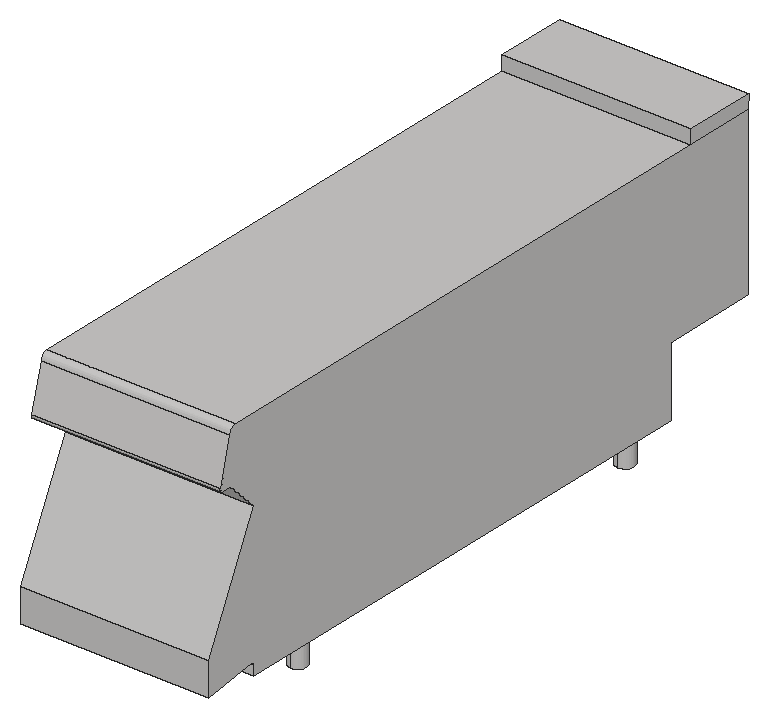
Revit family "QF_ZANUSSI_372115_Z7WTNBN000", category Specialty Equipment, Revit 2018
Family settings
  Round Connector Dimension = Use Diameter
  Part Type = Normal
  Work Plane-Based = No
  Always vertical = Yes
  Cut with Voids When Loaded = No
  Shared = No
  Room Calculation Point = No
Parameters
  Width = 200 mm  # constant formula
  Weight in Pounds = 0
  Weight = 0.00 kg
  Watts = 0 W
  Volts = 0 V
  URL Manufacturer = "http://www.zanussiprofessional.com"
  URL Cutsheet = "www.electrolux.com"
  URL = "http://www.zanussiprofessional.com"
  Type Mark [instance] = ""
  Steam Supply Size = 0"
  Steam Supply Minimum Pressure = 0.00 psi
  Steam Supply Maximum Pressure = 0.00 psi
  Steam Pounds per Hour = 0
  Status [instance] = ""
  Specification by User [instance] = ""
  Specification by Manufacturer = ""
  Show Logo [instance] = yes
  Serial Number = ""
  Seismic Rating = ""
  SMACNA No = ""
  Revision Code [instance] = ""
  Refrigeration Suction Line Size = 0"
  Refrigeration Liquid Line Size = 0"
  Refrigerant Compressor Remote = yes
  Phase = 0
  Omniclass Number and Title = ""
  NAFEM Spec ID Number = ""
  Model = "Z7WTNBN000"
  Masterspec = ""
  Manufacturer = "Zanussi"
  Length Actual = 200 mm  # constant formula
  Item Number [instance] = "372115"
  Installed By [instance] = ""
  Identify Quantity as Lot [instance] = yes
  Hot Water Size = 0"
  Height Actual = 250 mm  # constant formula
  Height = 289 mm  # constant formula
  HP = "0 HP"
  Gas Size = 0"
  Gas KW = 0
  Gas Input Pressure = 0.0 Btu/h
  Furnished By [instance] = ""
  Foodservice Equipment Identifier [instance] = yes
  Direct Waste Size = 0"
  Description = "AMBIENT WORKTOP WITH CLOSED FRONT 200 MM"
  Depth Actual = 700 mm  # constant formula
  Depth = 715 mm  # constant formula
  Cycle = 0 Hz
  Condensate Return Size = 0"
  Compressed Air Volume = 0 GPM
  Compressed Air Size = 0"
  Compressed Air Pressure = 0.00 psi
  Cold Water Size = 0"
  CSI MasterFormat = ""
  CSI Master Format = ""
  Base Height = 24 mm  # constant formula
  Accessory = yes
Reference planes
  plane 1 "BACK": y = 0
  plane 2: z = 0
  plane 3 "LEFT": x = 0
  plane 4 "RIGHT": x = 200
  plane 5 "FRONT": y = -715
  plane 6 "TOP": z = 274
  plane 7 "Center Y": x = 100
  plane 8 "Center X": y = -357.5
  plane 9: z = 24
  plane 10: z = 289
Forms (mm)
  Extrusion 1, solid, material "QF_Finishes_Stainless Steel"
    sketch origin (0, 0, 0) x (0, 1, 0) y (0, 0, 1)
      loop
        line (0, 98) -> (0, 274) -> (-679.358, 274)
        arc (-679.358, 274) -> (-684.643, 271.811) -> (-686.833, 266.526) r 7.474
        line (-686.833, 266.526) -> (-699.884, 221.011)
        arc (-699.884, 221.011) -> (-699.396, 218.379) -> (-697, 217.184) r 3
        line (-697, 217.184) -> (-686.802, 217.184) -> (-654.982, 185.364) -> (-715, 64.508) -> (-715, 29.508) -> (-658.645, 37.428)
        arc (-658.645, 37.428) -> (-656.101, 36.674) -> (-655, 34.259) r 3.2
        line (-655, 34.259) -> (-655, 24) -> (-103, 24) -> (-103, 98) -> (0, 98)
    from 0 to 200
  Extrusion 2, solid, material "QF_Finishes_Stainless Steel"
    sketch origin (0, 0, 0) x (1, 0, 0) y (0, 1, 0)
      loop
        circle (11.112, -149.225) r 9.525
      loop
        circle (188.888, -149.225) r 9.525
      loop
        circle (11.112, -583.238) r 9.525
      loop
        circle (188.888, -583.238) r 9.525
    from 0 to 24
  Extrusion 3, solid, material "QF_Finishes_Stainless Steel"
    sketch origin (0, 0, 0) x (0, 1, 0) y (0, 0, 1)
      loop
        line (0, 274) -> (0, 289) -> (-76.2, 289) -> (-76.2, 274) -> (0, 274)
    from 0 to 200
Lines and regions (mm)
  symbolic lines
    curve 1: line (0, -714.879, 0) -> (200, -714.879, 0)
    curve 2: line (0, 0, 0) -> (0, -714.879, 0)
    curve 3: line (200, 0, 0) -> (0, 0, 0)
    curve 4: line (200, -714.879, 0) -> (200, 0, 0)
    curve 5: line (0, -76.2, 0) -> (200, -76.2, 0)
    curve 6: line (0, -699.879, 0) -> (200, -699.879, 0)
Dimensions and locks
  equal spacing: plane 3 "LEFT", plane 7 "Center Y", plane 4 "RIGHT"
  "Width": plane 3 "LEFT" to plane 4 "RIGHT"
  equal spacing: plane 5 "FRONT", plane 8 "Center X", plane 1 "BACK"
  "Depth": plane 5 "FRONT" to plane 1 "BACK"
  "Height": plane 10 to level
  "Base Height": plane 9 to level
  aligned and locked: level to plane 2
  aligned and locked: plane 4 "RIGHT" to Extrusion 1
  aligned and locked: plane 4 "RIGHT" to Extrusion 3
Automatic sketch dimensions
  Extrusion 3 sketch curve to plane 6 "TOP" = 0 mm
  Extrusion 3 sketch curve to plane 1 "BACK" = 0 mm
  Extrusion 3 sketch curve to plane 10 = 0 mm
  Extrusion 3 sketch curve to Extrusion 3 sketch curve = 76.2 mm
  Extrusion 1 sketch curve to plane 5 "FRONT" = 0 mm
  Extrusion 1 sketch curve to plane 10 = 67.989 mm
  Extrusion 1 sketch curve to plane 5 "FRONT" = 15.116 mm
  Extrusion 1 sketch curve to Extrusion 1 sketch curve = 2.884 mm
  Extrusion 1 sketch curve to Extrusion 1 sketch curve = 13.051 mm
  Extrusion 1 sketch curve to plane 6 "TOP" = 56.816 mm
  Extrusion 1 sketch curve to Extrusion 1 sketch curve = 10.198 mm
  Extrusion 1 sketch curve to Extrusion 1 sketch curve = 7.474 mm
  Extrusion 1 sketch curve to Extrusion 1 sketch curve = 56.355 mm
  Extrusion 1 sketch curve to Extrusion 1 sketch curve = 0.445 mm
  Extrusion 1 sketch curve to Extrusion 1 sketch curve = 3.2 mm
  Extrusion 1 sketch curve to plane 6 "TOP" = 88.636 mm
  Extrusion 1 sketch curve to Extrusion 1 sketch curve = 31.82 mm
  plane 1 "BACK" to Extrusion 1 sketch curve = 103 mm
  Extrusion 1 sketch curve to plane 1 "BACK" = 0 mm
  Extrusion 1 sketch curve to plane 6 "TOP" = 176 mm
  plane 9 to Extrusion 1 sketch curve = 40.508 mm
  Extrusion 1 sketch curve to Extrusion 1 sketch curve = 27.08 mm
  Extrusion 1 sketch curve to Extrusion 1 sketch curve = 35 mm
  plane 9 to Extrusion 1 sketch curve = 0 mm
  Extrusion 1 sketch curve to plane 10 = 22.474 mm
  curve 1 to plane 3 "LEFT" = 0 mm
  plane 1 "BACK" to curve 4 = 0 mm
  curve 4 to plane 4 "RIGHT" = 0 mm
  curve 2 to plane 5 "FRONT" = 0.121 mm
  curve 5 to curve 3 = 76.2 mm
  curve 1 to curve 6 = 15 mm
  Extrusion 2 sketch curve to Extrusion 2 sketch curve = 0 mm  (x8)
  plane 3 "LEFT" to Extrusion 2 sketch curve = 11.112 mm  (x2)
  Extrusion 2 sketch curve to plane 4 "RIGHT" = 11.112 mm  (x2)
  Extrusion 2 sketch curve to plane 5 "FRONT" = 131.762 mm  (x2)
  plane 1 "BACK" to Extrusion 2 sketch curve = 149.225 mm  (x2)
  Extrusion 2 sketch curve to Extrusion 2 sketch curve = 9.525 mm  (x4)
